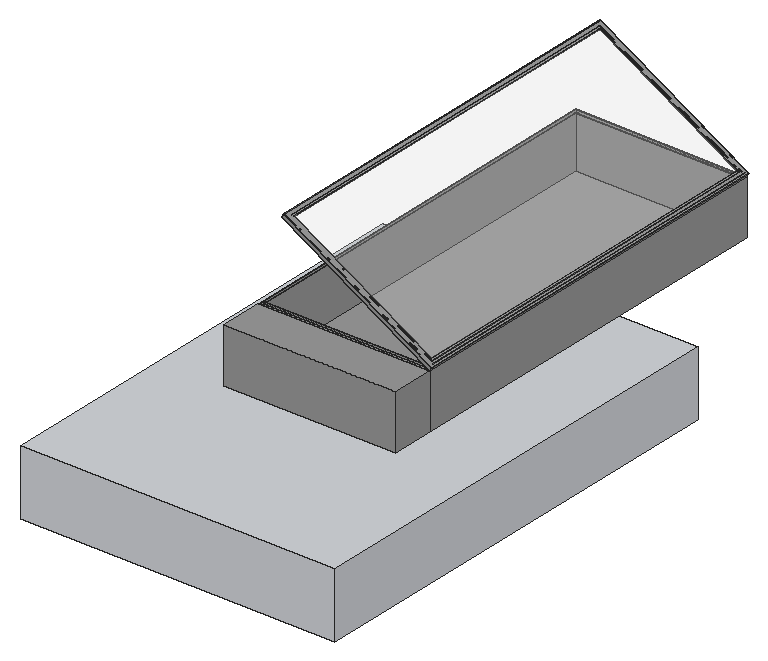
Revit family "Hager-Univers-IP55-D275-H2050-Cl.I-Steel_encl-DE-de", category Equipement électrique, Revit 2020
Family settings
  Hôte = Face
  Configuration du panneau = Deux colonnes, circuits au sein
  Cote de connecteur circulaire = Utiliser le diamètre
  Type d'élément = Tableau de raccordement
  Couper avec des vides une fois chargée = Non
  Partagée = Non
  Point de calcul de pièce = Non
Parameters (values of type "Bodenaufstellung IP55 B800 H2050 T275  - FR23K2")
  Width Control [instance] = if([EF000008 - Breite] > Min Width, [EF000008 - Breite], Min Width)  # 800 mm
  Commentaires du type = [HG000003 - Bereich]  # "Univers"
  Thickness Door [instance] = if([EF009171 - Materialstärke Tür/Deckel] > 3 mm, 3 mm, [EF009171 - Materialstärke Tür/Deckel])  # 1.5 mm
  Seal Frame Offset [instance] = 17 mm  # constant formula
  Plinth Visibility [instance] = [HG000027 - Sockelhöhe] > 0 mm  # yes
  Model = ""
  Min Width [instance] = 100 mm  # constant formula
  Min Height [instance] = 100 mm  # constant formula
  Min Depth [instance] = (2 * [EF009170 - Materialstärke Gehäuse]) + 1 mm  # 4 mm
  Internal Frame Depth [instance] = (Door System Depth * 0.5)  # 9 mm
  Height Control [instance] = if([EF000040 - Höhe] > Min Height, [EF000040 - Höhe], Min Height)  # 2050 mm
  HG000027 - Sockelhöhe = 200 mm
  HG000026 - Stehend auf dem Boden = yes
  HG000024 - Höhe des unteren Teils = 800 mm
  HG000023 - Gehäuse mit doppeltem Querschnitt = no
  HG000016 - 3D-Türsichtbarkeit [instance] = yes
  HG000015 - Sichtbarkeit der Türöffnung [instance] = no
  HG000014 - Tür rechts [instance] = yes
  HG000013 - Tür links [instance] = not([HG000014 - Tür rechts])  # no
  HG000012 - Türschwenkwinkel [instance] = 30.00°
  HG000010 - Asymmetrische Türen = no
  HG000009 - Doppelflügeligen Tür = no
  HG000006 - Unterputz = no
  HG000004 - Herstellerreferenz = "FR23K2"
  HG000003 - Bereich = "Univers"
  HG000002 - Mit tür = yes
  Frame Offset Bottom [instance] = 10 mm  # constant formula
  Frame Offset [instance] = 15 mm  # constant formula
  EF015940 - Deckel mit Überdruckentlastung = no
  EF011959 - Schutzart (NEMA) = ""
  EF009554 - Anzahl der Öffnungen für Flanschplatten = 6
  Fabricant = "Hager"  # constant formula
  EF009212 - Ausführung Deckel = "EV000116 - geschlossen"
  EF009171 - Materialstärke Tür/Deckel = 1.5 mm
  EF009170 - Materialstärke Gehäuse = 1.5 mm
  EF008873 - Nennstrom (In) = 800 A
  EF007800 - Geeignet für Blitzschutz = no
  EF006306 - Mit Schloss = no
  EF006244 - Transparenter Deckel/Tür = yes
  EF005474 - Schutzart (IP) = "EV006420 - IP55"
  EF004464 - Art der Tür = "EV002646 - Einzel"
  EF004427 - Anzahl der Module = 432
  EF004293 - Schlagfestigkeit = "EV008784 - IK10"
  EF003532 - Geeignet für Außengebrauch = no
  EF002950 - Breite in Teilungseinheiten = 24
  EF001613 - Funktionserhalt = "EV000494 - ohne"
  EF001596 - Werkstoff des Gehäuses = "EV000179 - Stahl"
  EF001131 - Innentiefe = 275 mm
  EF001088 - Anbaumöglichkeit = yes
  EF000437 - Anzahl der Leitungseinführungen = 6
  EF000339 - Art der Abdeckung = "EV004216 - Tür"
  EF000266 - Anzahl der Reihen = 12
  EF000218 - Einbautiefe = 0 mm
  EF000118 - Mit Montageplatte = no
  EF000116 - RAL-Nummer = "7035"
  EF000049 - Tiefe = 275 mm
  EF000040 - Höhe = 2050 mm
  EF000008 - Breite = 800 mm
  EF000007 - Farbe = "EV000270 - grau"
  EF000003 - Montageart = "EV012274 - Bodenaufstellung"
  Door System Leaf Tolerance [instance] = 1.5 mm  # constant formula
  Door System Depth [instance] = 18 mm  # constant formula
  Door Height [instance] = Height Control - [HG000027 - Sockelhöhe]  # 1850 mm
  Depth Control [instance] = if([EF000049 - Tiefe] > Min Depth, [EF000049 - Tiefe], Min Depth)  # 275 mm
  Default Elevation = 0 mm
  Connector Offset [instance] = Height Control / 2  # 1025 mm
  Bottom Top Plate Trim [instance] = 1.5 mm  # constant formula
  Plinth height Ctrl [instance] = if([HG000027 - Sockelhöhe] > 0 mm, [HG000027 - Sockelhöhe], 12 mm)  # 200 mm
Types (11, lengths in mm): name | Width Control | HG000010 - Asymmetrische Türen | HG000009 - Doppelflügeligen Tür | HG000004 - Herstellerreferenz | EF009554 - Anzahl der Öffnungen für Flanschplatten | EF006244 - Transparenter Deckel/Tür | EF004464 - Art der Tür | EF004427 - Anzahl der Module | EF000437 - Anzahl der Leitungseinführungen | EF000008 - Breite
  Bodenaufstellung IP55 B1050 H2050 T275  - FR24E2 | 1050 | yes | yes | "FR24E2" | 8 | no | "EV003602 - Doppel" | 576 | 8 | 1050
  Bodenaufstellung IP55 B1050 H2050 T275  - FR24K2 | 1050 | yes | yes | "FR24K2" | 8 | yes | "EV003602 - Doppel" | 576 | 8 | 1050
  Bodenaufstellung IP55 B1300 H2050 T275  - FR25E2 | 1300 | yes | yes | "FR25E2" | 10 | no | "EV003602 - Doppel" | 720 | 10 | 1300
  Bodenaufstellung IP55 B1300 H2050 T275  - FR25K2 | 1300 | yes | yes | "FR25K2" | 10 | yes | "EV003602 - Doppel" | 720 | 10 | 1300
  Bodenaufstellung IP55 B1550 H2050 T275  - FR26E2 | 1550 | yes | yes | "FR26E2" | 12 | no | "EV003602 - Doppel" | 864 | 12 | 1550
  Bodenaufstellung IP55 B1550 H2050 T275  - FR26K2 | 1550 | yes | yes | "FR26K2" | 12 | yes | "EV003602 - Doppel" | 864 | 12 | 1550
  Bodenaufstellung IP55 B300 H2050 T275  - FR21E2 | 300 | no | no | "FR21E2" | 2 | no | "EV002646 - Einzel" | 144 | 2 | 300
  Bodenaufstellung IP55 B550 H2050 T275  - FR22E2 | 550 | no | no | "FR22E2" | 4 | no | "EV002646 - Einzel" | 288 | 4 | 550
  Bodenaufstellung IP55 B550 H2050 T275  - FR22K2 | 550 | no | no | "FR22K2" | 4 | yes | "EV002646 - Einzel" | 288 | 4 | 550
  Bodenaufstellung IP55 B800 H2050 T275  - FR23E2 | 800 | no | no | "FR23E2" | 6 | no | "EV002646 - Einzel" | 432 | 6 | 800
  Bodenaufstellung IP55 B800 H2050 T275  - FR23K2 | 800 | no | no | "FR23K2" | 6 | yes | "EV002646 - Einzel" | 432 | 6 | 800
Reference planes
  plane 1 "Center (Front/Back)": y = 0
  plane 2: z = 0
  plane 3 "Center (Left/Right)": x = 0
  plane 4: z = 275
  plane 5: y = 201.5
  plane 6: y = 1125
  plane 7: y = 200
  plane 8: y = 2050
  plane 9: z = 0
  plane 10: x = -385
  plane 11: x = 385
  plane 12: x = 383.5
  plane 13: x = -383.5
  plane 14: y = 2048.5
  plane 15: x = -383
  plane 16: x = -400
  plane 17: x = 383
  plane 18: x = 400
  plane 19: x = 398.5
  plane 20: x = -398.5
  plane 21: y = 211.5
  plane 22: y = 2050
  plane 23: y = 2033.5
  plane 24: z = 257
  plane 25: z = 1.5
  plane 26: z = 255.5
  plane 27: z = 273.5
Forms (mm)
  Extrusion 1, solid
    sketch origin (0, 0, 0) x (1, 0, 0) y (0, 1, 0)
      loop
        line (-702.964, 1305) -> (-702.964, -811.445) -> (766.763, -811.445) -> (766.763, 1305) -> (-702.964, 1305)
    from 0 to -304.8
  Extrusion 2, solid, material "Hager_Steel_RAL7035_Light_Grey", visible <- "Plinth Visibility", detail levels medium+fine
    sketch origin (0, 0, 0) x (1, 0, 0) y (0, 1, 0)
      loop
        line (-400, 0) -> (400, 0) -> (400, 200) -> (-400, 200) -> (-400, 0)
    from 0 to 257
  Extrusion 3, solid, material "Hager_Steel_RAL7035_Light_Grey", detail levels medium+fine
    sketch origin (0, 0, 0) x (1, 0, 0) y (0, 1, 0)
      loop
        line (-400, 200) -> (400, 200) -> (400, 2050) -> (-400, 2050) -> (-400, 200)
    from 0 to 257
  Extrusion 4, void
    sketch origin (0, 0, 0) x (1, 0, 0) y (0, 1, 0)
      loop
        line (-398.5, 201.5) -> (398.5, 201.5) -> (398.5, 2048.5) -> (-398.5, 2048.5) -> (-398.5, 201.5)
    from 1.5 to 255.5
  Extrusion 5, void
    sketch origin (-381.607, -4572, 257) x (0, -1, 0) y (-1, 0, 0)
      loop
        line (-4783.5, 1.893) -> (-6605.5, 1.893) -> (-6605.5, -765.107) -> (-4783.5, -765.107) -> (-4783.5, 1.893)
    from 0 to 1.5 <- "EF009170 - Materialstärke Gehäuse"
  Extrusion 6, solid, material "Hager_Steel_RAL7035_Light_Grey", detail levels fine
    sketch origin (0, 0, 257) x (1, 0, 0) y (0, 1, 0)
      loop
        line (-383.5, 2033.5) -> (-383.5, 211.5) -> (383.5, 211.5) -> (383.5, 2033.5) -> (-383.5, 2033.5)
      loop
        line (-385, 210) -> (385, 210) -> (385, 2035) -> (-385, 2035) -> (-385, 210)
    from 0 to 9 <- "Internal Frame Depth"
  Extrusion 7, solid, material "Hager_Steel_RAL7035_Light_Grey", detail levels coarse
    sketch origin (0, 0, 0) x (1, 0, 0) y (0, 1, 0)
      loop
        line (-400, 0) -> (400, 0) -> (400, 2050) -> (-400, 2050) -> (-400, 0)
    from 0 to 275
  Sweep 8, void
    path in 3D
      loop
        line (-400, 200, 0) -> (400, 200, 0) -> (400, 200, 257) -> (-400, 200, 257) -> (-400, 200, 0)
    profile origin (-400, 200, 128.5) x (-1, 0, 0) y (0, -1, 0)
      loop
        line (0, 0) -> (0, 1.5) -> (-1.5, 1.5)
        arc (-1.5, 1.5) -> (-1.061, 0.439) -> (0, 0) r 1.5
Cuts and joins
  Extrusion 4, Extrusion 5 cuts Extrusion 3
  Sweep 8 cuts Extrusion 2
Lines and regions (mm)
  Masking region 1
    outline origin (0, 0, 0) x (1, 0, 0) y (0, 0, 1)
      loop
        line (-400, 275) -> (-400, 0) -> (400, 0) -> (400, 275) -> (-400, 275)
  Masking region 2, detail levels medium+fine
    outline origin (0, 140, 0) x (0, 1, 0) y (0, 0, 1)
      loop
        line (60, 0) -> (1910, 0) -> (1910, 257) -> (60, 257) -> (60, 0)
  Masking region 3, not visible, detail levels medium+fine
    outline origin (0, 297.922, 0) x (0, 1, 0) y (0, 0, 1)
      loop
        line (838.578, 0) -> (878.578, 0) -> (878.578, 263.5)
        arc (878.578, 263.5) -> (875.649, 270.571) -> (868.578, 273.5) r 10
        line (868.578, 273.5) -> (838.578, 273.5) -> (838.578, 0)
  Masking region 4, detail levels coarse
    outline origin (0, 0, 180) x (0, 1, 0) y (0, 0, 1)
      loop
        line (0, -180) -> (2050, -180) -> (2050, 95) -> (0, 95) -> (0, -180)
  Masking region 5, visible <- "Plinth Visibility", detail levels medium+fine
    outline origin (0, 52.24, 12.345) x (0, 0, -1) y (0, 1, 0)
      loop
        line (10.845, 147.76) -> (-243.155, 147.76)
        arc (-243.155, 147.76) -> (-243.594, 146.699) -> (-244.655, 146.26) r 1.5
        line (-244.655, 146.26) -> (-244.655, -52.24) -> (12.345, -52.24) -> (12.345, 146.26)
        arc (12.345, 146.26) -> (11.285, 146.699) -> (10.845, 147.76) r 1.5
  Masking region 6, detail levels medium+fine
    outline origin (-381.607, -4572, 257) x (-1, 0, 0) y (0, -1, 0)
      loop
        line (18.393, -6622) -> (18.393, -4772) -> (-781.607, -4772) -> (-781.607, -6622) -> (18.393, -6622)
  Masking region 7, visible <- "Plinth Visibility", detail levels medium+fine
    outline origin (-381.607, -4727, 257) x (-1, 0, 0) y (0, -1, 0)
      loop
        arc (16.893, -4927) -> (17.332, -4925.939) -> (18.393, -4925.5) r 1.5
        line (18.393, -4925.5) -> (18.393, -4727) -> (-781.607, -4727) -> (-781.607, -4925.5)
        arc (-781.607, -4925.5) -> (-780.546, -4925.939) -> (-780.107, -4927) r 1.5
        line (-780.107, -4927) -> (16.893, -4927)
  Masking region 8, detail levels coarse
    outline origin (-442.548, -4669.526, 257) x (-1, 0, 0) y (0, -1, 0)
      loop
        line (-42.548, -6719.526) -> (-42.548, -4669.526) -> (-842.548, -4669.526) -> (-842.548, -6719.526) -> (-42.548, -6719.526)
  sketch lines
    curve 1: line (-400, 200, 257) -> (-400, 200, 0)
    curve 2: line (400, 200, 257) -> (-400, 200, 257)
    curve 3: line (400, 200, 257) -> (400, 200, 0)
    curve 4: line (-400, 200, 0) -> (400, 200, 0)
Dimensions and locks
  "Depth Control": plane 4 to Extrusion 1
  "HG000027 - Sockelhöhe": plane 1 "Center (Front/Back)" to plane 7
  "EF009170 - Materialstärke Gehäuse": plane 5 to plane 7
  locked: connector elem to plane 3 "Center (Left/Right)"
  equal spacing: plane 8, plane 6, plane 7
  locked: connector elem to plane 6
  "EF009170 - Materialstärke Gehäuse": plane 8 to plane 14
  "EF009170 - Materialstärke Gehäuse": plane 10 to plane 13
  "EF009170 - Materialstärke Gehäuse": plane 12 to plane 11
  "Frame Offset": plane 20 to plane 13
  "Frame Offset": plane 12 to plane 19
  "EF009170 - Materialstärke Gehäuse": plane 16 to plane 20
  "EF009170 - Materialstärke Gehäuse": plane 19 to plane 18
  "Seal Frame Offset": plane 16 to plane 15
  "Seal Frame Offset": plane 17 to plane 18
  "Frame Offset Bottom": plane 21 to plane 5
  "Frame Offset": plane 14 to plane 23
  equal spacing: plane 16, plane 3 "Center (Left/Right)", plane 18
  "Width Control": plane 16 to plane 18
  "EF009170 - Materialstärke Gehäuse": plane 4 to plane 27
  "EF009170 - Materialstärke Gehäuse": plane 24 to plane 26
  "EF009170 - Materialstärke Gehäuse": plane 25 to level
  "Door System Depth": plane 4 to plane 24
  "Height Control": plane 1 "Center (Front/Back)" to Extrusion 7 sketch curve
  "Height Control": Masking region 4 sketch curve to plane 1 "Center (Front/Back)"
  "Height Control": plane 1 "Center (Front/Back)" to plane 22
  "Bottom Top Plate Trim": profile plane to Sweep 8 sketch curve
  "Bottom Top Plate Trim": Sweep 8 sketch curve to profile plane
  "Plinth height Ctrl": plane 1 "Center (Front/Back)" to Extrusion 2 sketch curve
  "Plinth height Ctrl": Masking region 5 sketch curve to plane 1 "Center (Front/Back)"
  "Plinth height Ctrl": plane 1 "Center (Front/Back)" to Masking region 7 sketch curve
  "Thickness Door": Extrusion 6 sketch curve to Extrusion 6 sketch curve  (x3)
  "Thickness Door": cut or joined group of Extrusion 3, Extrusion 4, Extrusion 5 to Extrusion 6 sketch curve
  radius of Masking region 3 sketch curve = 10 mm
  "Bottom Top Plate Trim": radius of Masking region 5 sketch curve  (x2)
  "Bottom Top Plate Trim": radius of Sweep 8 sketch curve
  "Bottom Top Plate Trim": radius of Masking region 7 sketch curve  (x2)
  aligned and locked: plane 2 to Extrusion 1
  aligned and locked: level to Extrusion 1
  aligned and locked: level to Masking region 1 sketch curve
  aligned and locked: Masking region 1 sketch curve to plane 18
  aligned and locked: Masking region 1 sketch curve to plane 16
  aligned and locked: plane 7 to Masking region 2 sketch curve
  aligned and locked: level to Masking region 3 sketch curve
  aligned and locked: Masking region 3 sketch curve to plane 27
  aligned and locked: level to Masking region 2 sketch curve
  aligned and locked: plane 1 "Center (Front/Back)" to Extrusion 2 sketch curve
  aligned and locked: Extrusion 3 sketch curve to plane 7
  aligned and locked: plane 16 to Extrusion 3 sketch curve
  aligned and locked: plane 18 to Extrusion 3 sketch curve
  aligned and locked: plane 20 to Extrusion 4 sketch curve
  aligned and locked: plane 19 to Extrusion 4 sketch curve
  aligned and locked: Extrusion 4 sketch curve to plane 5
  aligned and locked: Extrusion 4 to plane 25
  aligned and locked: plane 26 to Extrusion 4
  aligned and locked: plane 24 to Extrusion 3
  aligned and locked: Extrusion 5 sketch curve to plane 21
  aligned and locked: Extrusion 5 sketch curve to plane 13
  aligned and locked: Extrusion 5 sketch curve to plane 12
  aligned and locked: plane 18 to Extrusion 7 sketch curve
  aligned and locked: plane 1 "Center (Front/Back)" to Extrusion 7 sketch curve
  aligned and locked: plane 16 to Extrusion 7 sketch curve
  aligned and locked: plane 4 to Extrusion 7
  aligned and locked: Extrusion 7 to level
  aligned and locked: level to Masking region 4 sketch curve
  aligned and locked: Masking region 4 sketch curve to plane 1 "Center (Front/Back)"
  aligned and locked: Masking region 4 sketch curve to plane 4
  aligned and locked: nested 1 to level
  aligned and locked: nested 1 to plane 16
  aligned and locked: plane 8 to Extrusion 3 sketch curve
  aligned and locked: plane 23 to Extrusion 5 sketch curve
  aligned and locked: plane 14 to Extrusion 4 sketch curve
  aligned and locked: Masking region 2 sketch curve to plane 8
  aligned and locked: level to Masking region 5 sketch curve
  aligned and locked: plane 16 to Extrusion 2 sketch curve
  aligned and locked: plane 18 to Extrusion 2 sketch curve
  aligned and locked: Masking region 5 sketch curve to plane 24
  aligned and locked: Masking region 2 sketch curve to plane 24
  aligned and locked: plane 24 to Extrusion 2
  aligned and locked: profile plane to Sweep 8 sketch curve  (x2)
  aligned and locked: Masking region 6 sketch curve to plane 18
  aligned and locked: Masking region 6 sketch curve to plane 22
  aligned and locked: Masking region 6 sketch curve to plane 16
  aligned and locked: plane 8 to plane 22
  aligned and locked: Masking region 6 sketch curve to plane 7
  aligned and locked: Masking region 7 sketch curve to plane 16
  aligned and locked: Masking region 7 sketch curve to plane 1 "Center (Front/Back)"
  aligned and locked: Masking region 7 sketch curve to plane 18
  aligned and locked: Masking region 8 sketch curve to plane 1 "Center (Front/Back)"
  aligned and locked: Masking region 8 sketch curve to plane 18
  aligned and locked: Masking region 8 sketch curve to plane 22
  aligned and locked: Masking region 8 sketch curve to plane 16
  aligned and locked: nested 2 to plane 7
  aligned and locked: plane 3 "Center (Left/Right)" to nested 2
  aligned and locked: nested 2 to plane 24
  aligned and locked: Extrusion 6 sketch curve to cut or joined group of Extrusion 3, Extrusion 4, Extrusion 5  (x4)
Automatic sketch dimensions
  Extrusion 1 sketch curve to Extrusion 1 sketch curve = 1469.727 mm
  Extrusion 1 sketch curve to Extrusion 1 sketch curve = 2116.445 mm
  Masking region 1 sketch curve to plane 4 = 0 mm
  plane 6 to Masking region 3 sketch curve = 11.5 mm
  Masking region 3 sketch curve to Masking region 3 sketch curve = 30 mm
  Masking region 5 sketch curve to plane 1 "Center (Front/Back)" = 0 mm
Nested families
  nested 1: "Hager_Enclosure_Symbol" at (-400, 0, 0) x (1, 0, 0) z (0, -1, 0), Height <- "Depth Control", Width <- "Width Control", type "Hager_Enclosure_Symbol"
    with Width_Ctrl 800 mm, Width 800 mm, Height_Ctrl 275 mm, Height 275 mm, A_Width_Int 18.047 mm, A_Width 216.562 mm, A_Height_Ctrl 240.625 mm, A_Height 240.625 mm
  nested 2: "EC000058_Univers_Door" at (0, 200, 257) x (1, 0, 0) z (0, 1, 0), Leaf_Tolerance <- "Door System Leaf Tolerance", Angle <- "HG000012 - Türschwenkwinkel", Door_Depth <- "Door System Depth", Door_Left <- "HG000013 - Tür links", Transparent <- "EF006244 - Transparenter Deckel/Tür", Assymetrical <- "HG000010 - Asymmetrische Türen", Width <- "Width Control", Clearance <- "HG000015 - Sichtbarkeit der Türöffnung", Double <- "HG000009 - Doppelflügeligen Tür", 3d_Door <- "HG000016 - 3D-Türsichtbarkeit", Lock_Visibility <- "EF006306 - Mit Schloss", Width_Ctrl <- "Width Control", Door_Right <- "HG000014 - Tür rechts", Door <- "HG000002 - Mit tür", Height <- "Door Height", Thickness <- "Thickness Door", type "EC000058_Univers_Door", detail levels medium+fine
    with min_wh 4 mm, Width_Ctrl 800 mm, Width 800 mm, Transparent yes, Thickness 1.5 mm, Seal_Material Hager_Rubber, Lock_Visibility no, Lock_Material Hager_Plastic_RAL9005_Jet_Black, Leaf_Width 800 mm, Leaf_Tolerance_External_Sides 0 mm, Leaf_Tolerance 1.5 mm, Leaf_Offset 0 mm, Leaf_Height 1847 mm, Leaf_2_Width 800 mm, Leaf_2_Offset 400 mm, Leaf_1_Width 800 mm, Leaf_1_Offset 400 mm, Height_Ctrl 1850 mm, Height 1850 mm, Glass_Material Hager_Glass, Double_Clearance_Ctrl no, Double no, Door_Right_Ctrl yes, Door_Right yes, Door_Material Hager_Steel_RAL7035_Light_Grey, Door_Left_Ctrl no, Door_Left no, Door_Depth 18 mm, Door yes, Clearance_Material Hager_Clearance, Clearance_Depth 800 mm, Clearance_Ctrl no, Clearance no, Assymetrical no, Angle 30.00°, 3d_Door yes
Connectors
  electrical at (0, 1125, 0)
    settings: on plane 9, index 1, voltage 0 V, apparent load 0 VA, apparent load phase1 0 VA, apparent load phase2 0 VA, apparent load phase3 0 VA, power factor 1, load classification "Other", number of poles 1, system type 30, power factor state 1, is connector primary yes, connector utility no, sub classification motor no, connector description ""
Definition of nested family "EC000058_Univers_Door"
  Parameters (values of type "EC000058_Univers_Door")
    min_wh [instance] = (2 * Thickness) + 1 mm  # 11 mm
    Width_Ctrl [instance] = 400 mm
    Width [instance] = 500 mm
    Transparent [instance] = yes
    Thickness [instance] = 5 mm
    Seal_Material [instance] = none
    Lock_Visibility [instance] = yes
    Lock_Material [instance] = none
    Leaf_Width [instance] = if((Width_Ctrl - 2 * Leaf_Tolerance_External_Sides) > 0 mm, (Width_Ctrl - 2 * Leaf_Tolerance_External_Sides), min_wh)  # 400 mm
    Leaf_Tolerance_External_Sides [instance] = 0 mm  # constant formula
    Leaf_Tolerance [instance] = 1.5 mm
    Leaf_Offset [instance] = 0 mm  # constant formula
    Leaf_Height [instance] = if((Height_Ctrl - 2 * Leaf_Tolerance) > 0 mm, (Height_Ctrl - 2 * Leaf_Tolerance), min_wh)  # 497 mm
    Leaf_2_Width [instance] = if(and(and(Double, Assymetrical), Door_Left), (Leaf_Width / 3) - (Leaf_Tolerance / 2), if(and(and(Double, Assymetrical), Door_Right), (Leaf_Width / 3) * 2 - (Leaf_Tolerance / 2), if(and(Double, not(Assymetrical)), (Leaf_Width / 2) - Leaf_Tolerance, Leaf_Width)))  # 400 mm
    Leaf_2_Offset [instance] = if(and(Double, Assymetrical), Leaf_2_Width / 2, if(and(Double, not(Assymetrical)), Leaf_Width / 4, Leaf_Width / 2))  # 200 mm
    Leaf_1_Width [instance] = if(and(and(Double, Assymetrical), Door_Right), (Leaf_Width / 3) - (Leaf_Tolerance / 2), if(and(and(Double, Assymetrical), Door_Left), (Width / 3) * 2 - (Leaf_Tolerance / 2), if(and(Double, not(Assymetrical)), (Leaf_Width / 2) - Leaf_Tolerance, Leaf_Width)))  # 400 mm
    Leaf_1_Offset [instance] = if(and(Double, Assymetrical), Leaf_1_Width / 2, if(and(Double, not(Assymetrical)), Leaf_Width / 4, Leaf_Width / 2))  # 200 mm
    Height_Ctrl [instance] = if(Height > min_wh, Height, min_wh)  # 500 mm
    Height [instance] = 500 mm
    Glass_Material [instance] = none
    Double_Clearance_Ctrl [instance] = and(Double, Clearance)  # no
    Double [instance] = no
    Door_Right_Ctrl [instance] = and(or(Door_Right, Double), Door)  # yes
    Door_Right [instance] = yes
    Door_Material [instance] = none
    Door_Left_Ctrl [instance] = and(or(Door_Left, Double), Door)  # no
    Door_Left [instance] = no
    Door_Depth [instance] = 30 mm
    Door [instance] = yes
    Default Elevation = 1219.2 mm
    Clearance_Material [instance] = none
    Clearance_Depth [instance] = if(Leaf_1_Width > Leaf_2_Width, Leaf_1_Width, Leaf_2_Width)  # 400 mm
    Clearance_Ctrl [instance] = and(not(Double), Clearance)  # yes
    Clearance [instance] = yes
    Assymetrical [instance] = yes
    Angle [instance] = 30.00°
    3d_Door [instance] = yes
  Reference planes
    plane 1 "Center (Front/Back)": y = 0
    plane 2 "Bottom": z = 0
    plane 3 "Center (Left/Right)": x = 0
    plane 4: z = 500
    plane 5: x = -200
    plane 6: x = 200
    plane 7: z = 500
    plane 8: x = -200
    plane 9: z = 0
    plane 10: x = 200
    plane 11: y = 0
    plane 12: z = 1.5
    plane 13: x = -600
    plane 14: y = -400
    plane 15: x = 600
    plane 16: x = 0
    plane 17: x = 0
    plane 18: x = -200
    plane 19: x = 200
    plane 20: z = 498.5
  Forms (mm)
    Extrusion 1, solid, material <- "Clearance_Material", visible <- "Double_Clearance_Ctrl"
      sketch origin (1200, 0, 0) x (1, 0, 0) y (0, 0, -1)
        loop
          line (-1800, -498.5) -> (-600, -498.5) -> (-600, 0) -> (-1800, 0) -> (-1800, -498.5)
      from 0 to -400
  Dimensions and locks
    equal spacing: plane 5, plane 3 "Center (Left/Right)", plane 6
    "Width_Ctrl": plane 5 to plane 6
    "Leaf_Offset": plane 5 to plane 8
    "Leaf_Offset": plane 6 to plane 10
    "Leaf_Offset": plane 9 to level
    "Leaf_Offset": plane 4 to plane 7
    "Height_Ctrl": plane 4 to level
    "Leaf_Tolerance": plane 12 to plane 9
    locked: plane 11 to plane 1 "Center (Front/Back)"
    "Leaf_1_Offset": plane 18 to plane 16
    "Leaf_2_Offset": plane 17 to plane 19
    "Leaf_1_Width": plane 13 to plane 8
    "Leaf_2_Width": plane 10 to plane 15
    "Clearance_Depth": plane 14 to plane 1 "Center (Front/Back)"
    "Leaf_Tolerance_External_Sides": plane 8 to plane 18
    "Leaf_Tolerance_External_Sides": plane 19 to plane 10
    "Leaf_Tolerance": plane 7 to plane 20
    aligned and locked: level to plane 2 "Bottom"
    aligned and locked: nested 1 to plane 16
    aligned and locked: nested 2 to plane 17
    aligned and locked: Extrusion 1 to plane 13
    aligned and locked: plane 15 to Extrusion 1
    aligned and locked: Extrusion 1 to plane 14
    aligned and locked: plane 12 to nested 1
    aligned and locked: nested 2 to plane 12
    aligned and locked: Extrusion 1 to plane 11
    aligned and locked: plane 20 to Extrusion 1
    aligned and locked: nested 2 to plane 11
    aligned and locked: nested 1 to plane 11
  Automatic sketch dimensions
    Extrusion 1 sketch curve to level = 0 mm
    plane 5 to Extrusion 1 sketch curve = 400 mm
    plane 6 to Extrusion 1 sketch curve = 400 mm
    Extrusion 1 sketch curve to plane 4 = 1.5 mm
  Nested families
    nested 1: "EC000058_Univers_Door_Leaf" at (0, 0, 1.5), Width <- "Leaf_1_Width", visible <- "Door_Left_Ctrl", Leaf_Height <- "Leaf_Height", Angle <- "Angle", 3d_Door <- "3d_Door", Transparent <- "Transparent", Clearance Material <- "Clearance_Material", Clearance <- "Clearance_Ctrl", Door_Material <- "Door_Material", Glass_Material <- "Glass_Material", Door_Depth <- "Door_Depth", Lock_Material <- "Lock_Material", Seal_Material <- "Seal_Material", Lock_Visibility <- "Lock_Visibility", Thickness <- "Thickness", type "EC000058_Univers_Door_Leaf"
      with Width 400 mm, Transparent_Glass_Offset 30 mm, Transparent_Ctrl yes, Transparent yes, Thickness 5 mm, Standard no, Seal_Material none, Seal_D2 8 mm, Seal_D1 1 mm, Offset_Internal_Frame 10 mm, Lock_Width 20 mm, Lock_Visibility_3d yes, Lock_Visibility yes, Lock_Thickness_3 3 mm, Lock_Thickness_2 1 mm, Lock_Thickness_1 3 mm, Lock_Radius_Offset_2 16 mm, Lock_Radius_Offset_1 15 mm, Lock_Radius_2 5 mm, Lock_Radius 6 mm, Lock_Offset 5 mm, Lock_Material none, Lock_Height 80 mm, Lock_Cover_Top_Offset_2d 17 mm, Lock_Cover_Height -65 mm, Leaf_Height 497 mm, Internal_Seal_Thickness 8 mm, Internal_Seal_Depth_2 4.5 mm, Internal_Frame_Depth 25 mm, Glass_Thickness -1 mm, Glass_Offset -2 mm, Glass_Material none, Door_Material none, Door_Depth 30 mm, Clearance Material none, Clearance yes, Angle_Ctrl 30.00°, Angle 30.00°, 3d_Door yes
    nested 2: "EC000058_Univers_Door_Leaf" at (0, 0, 1.5) x (-1, 0, 0) z (0, 0, 1), Width <- "Leaf_2_Width", visible <- "Door_Right_Ctrl", Leaf_Height <- "Leaf_Height", Angle <- "Angle", 3d_Door <- "3d_Door", Transparent <- "Transparent", Clearance Material <- "Clearance_Material", Clearance <- "Clearance_Ctrl", Door_Material <- "Door_Material", Glass_Material <- "Glass_Material", Door_Depth <- "Door_Depth", Lock_Material <- "Lock_Material", Seal_Material <- "Seal_Material", Lock_Visibility <- "Lock_Visibility", Thickness <- "Thickness", type "EC000058_Univers_Door_Leaf"
      with Width 400 mm, Transparent_Glass_Offset 30 mm, Transparent_Ctrl yes, Transparent yes, Thickness 5 mm, Standard no, Seal_Material none, Seal_D2 8 mm, Seal_D1 1 mm, Offset_Internal_Frame 10 mm, Lock_Width 20 mm, Lock_Visibility_3d yes, Lock_Visibility yes, Lock_Thickness_3 3 mm, Lock_Thickness_2 1 mm, Lock_Thickness_1 3 mm, Lock_Radius_Offset_2 16 mm, Lock_Radius_Offset_1 15 mm, Lock_Radius_2 5 mm, Lock_Radius 6 mm, Lock_Offset 5 mm, Lock_Material none, Lock_Height 80 mm, Lock_Cover_Top_Offset_2d 17 mm, Lock_Cover_Height -65 mm, Leaf_Height 497 mm, Internal_Seal_Thickness 8 mm, Internal_Seal_Depth_2 4.5 mm, Internal_Frame_Depth 25 mm, Glass_Thickness -1 mm, Glass_Offset -2 mm, Glass_Material none, Door_Material none, Door_Depth 30 mm, Clearance Material none, Clearance yes, Angle_Ctrl 30.00°, Angle 30.00°, 3d_Door yes
  Definition of nested family "EC000058_Univers_Door_Leaf"
    Parameters (values of type "EC000058_Univers_Door_Leaf")
      Width [instance] = 2000 mm
      Transparent_Glass_Offset [instance] = 30 mm
      Transparent_Ctrl [instance] = and(Transparent, [3d_Door])  # yes
      Transparent [instance] = yes
      Thickness [instance] = 5 mm
      Standard [instance] = and(not(Transparent), [3d_Door])  # no
      Seal_Material [instance] = none
      Seal_D2 [instance] = 8 mm  # constant formula
      Seal_D1 [instance] = 1 mm  # constant formula
      Offset_Internal_Frame [instance] = 10 mm  # constant formula
      Lock_Width [instance] = 20 mm  # constant formula
      Lock_Visibility_3d [instance] = and(Lock_Visibility, [3d_Door])  # yes
      Lock_Visibility [instance] = yes
      Lock_Thickness_3 [instance] = 3 mm  # constant formula
      Lock_Thickness_2 [instance] = 1 mm  # constant formula
      Lock_Thickness_1 [instance] = 3 mm  # constant formula
      Lock_Radius_Offset_2 [instance] = Lock_Radius_Offset_1 + 1 mm  # 16 mm
      Lock_Radius_Offset_1 [instance] = 15 mm  # constant formula
      Lock_Radius_2 [instance] = Lock_Radius - 1 mm  # 5 mm
      Lock_Radius [instance] = 6 mm  # constant formula
      Lock_Offset [instance] = 5 mm  # constant formula
      Lock_Material [instance] = none
      Lock_Height [instance] = 80 mm  # constant formula
      Lock_Cover_Top_Offset_2d [instance] = Lock_Radius_Offset_2 + 1 mm  # 17 mm
      Lock_Cover_Height [instance] = -(Lock_Height - Lock_Radius_Offset_1)  # -65 mm
      Leaf_Height [instance] = 2720.336 mm
      Internal_Seal_Thickness [instance] = 8 mm  # constant formula
      Internal_Seal_Depth_2 [instance] = 4.5 mm  # constant formula
      Internal_Frame_Depth [instance] = if(Door_Depth - Thickness > 5 mm, Door_Depth - Thickness, 5 mm)  # 25 mm
      Glass_Thickness [instance] = if(Thickness > 15 mm, Glass_Offset + 10 mm, -1 mm)  # -1 mm
      Glass_Offset [instance] = if(Thickness > 15 mm, -(Thickness + 10 mm) / 2, -2 mm)  # -2 mm
      Glass_Material [instance] = none
      Door_Material [instance] = none
      Door_Depth [instance] = 30 mm
      Default Elevation = 0 mm
      Clearance Material [instance] = none
      Clearance [instance] = yes
      Angle_Ctrl [instance] = if(Angle > 180.00°, 180.00°, Angle)  # 90.00°
      Angle [instance] = 90.00°
      3d_Door [instance] = yes
    Reference planes
      plane 1 "Center (Front/Back)": y = 0
      plane 2: z = 0
      plane 3 "Center (Left/Right)": x = 0
      plane 4: y = 2000
      plane 5: x = -1000
      plane 6: x = 1000
      plane 7: x = -3000
      plane 8: z = 2720.336
      plane 9: z = 30
      plane 10: z = 2690.336
      plane 11: x = 970
      plane 12: x = -970
      plane 13: y = -3
      plane 14: z = 107.833
      plane 15: y = -5
      plane 16: y = -223.314
      plane 17: x = -1000
      plane 18: z = 1360.168
      plane 19: y = 30
    Forms (mm)
      Extrusion 1, solid, material <- "Clearance Material", visible <- "Clearance"
        sketch origin (0, 0, 0) x (1, 0, 0) y (0, 0, 1)
          loop
            line (-3000, 2720.336) -> (-3000, 0) -> (1000, 0) -> (1000, 2720.336) -> (-3000, 2720.336)
        from 0 to -2000
      Extrusion 2, solid, material <- "Door_Material", visible <- "Standard", detail levels medium+fine
        sketch origin (-1000, 0, 0) x (0, 1, 0) y (-1, 0, 0)
          loop
            line (0, 30) -> (0, 25) -> (2000, 25) -> (2000, 30) -> (0, 30)
        from 0 to 2720.336 <- "Leaf_Height"
      Extrusion 3, solid, material <- "Door_Material", visible <- "Transparent_Ctrl", detail levels medium+fine
        sketch origin (-1000, 0, 0) x (0, 1, 0) y (-1, 0, 0)
          loop
            line (0, 25) -> (2000, 25) -> (2000, 30) -> (0, 30) -> (0, 25)
        from 0 to 2720.336 <- "Leaf_Height"
      Extrusion 4, void
        sketch origin (-1025, 2000, 0) x (0, 1, 0) y (0, 0, -1)
          loop
            line (-30, -2690.336) -> (-30, -30) -> (-1970, -30) -> (-1970, -2690.336) -> (-30, -2690.336)
        from 0 to 5 <- "Thickness"
      Sweep 5, solid, material <- "Seal_Material", visible <- "Transparent_Ctrl", detail levels fine
        path in 3D
          loop
            line (-1025, 30, 30) -> (-1025, 30, 2690.336) -> (-1025, 1970, 2690.336) -> (-1025, 1970, 30) -> (-1025, 30, 30)
        profile origin (-1025, 1000, 30) x (1, 0, 0) y (0, 0, 1)
          loop
            line (0, 0) -> (0, -8) -> (1, -8) -> (1, 0) -> (0, 0)
      Extrusion 6, solid, material <- "Glass_Material", visible <- "Transparent_Ctrl", detail levels medium+fine
        sketch origin (-1030, 0, 0) x (0, 1, 0) y (0, 0, -1)
          loop
            line (1970, -2690.336) -> (1970, -30) -> (30, -30) -> (30, -2690.336) -> (1970, -2690.336)
        from -2 <- "Glass_Offset" to -1 <- "Glass_Thickness"
      Extrusion 7, solid, material <- "Door_Material", visible <- "3d_Door", detail levels medium+fine
        sketch origin (-1025, 2000, 0) x (0, -1, 0) y (0, 0, -1)
          loop
            line (0, -2720.336) -> (2000, -2720.336) -> (2000, 0) -> (0, 0) -> (0, -2720.336)
          loop
            line (1995, -5) -> (5, -5) -> (5, -2715.336) -> (1995, -2715.336) -> (1995, -5)
        from 0 to 25 <- "Internal_Frame_Depth"
      Sweep 8, solid, material <- "Seal_Material", visible <- "Transparent_Ctrl", detail levels fine
        path in 3D
          loop
            line (-1025, 0, 0) -> (-1025, 2000, 0) -> (-1025, 2000, 2720.336) -> (-1025, 0, 2720.336) -> (-1025, 0, 0)
        profile origin (-1025, 0, 1360.168) x (1, 0, 0) y (0, 1, 0)
          loop
            line (0, 10) -> (2.975, 10)
            arc (2.975, 10) -> (4.053, 10.447) -> (4.5, 11.525) r 1.525
            line (4.5, 11.525) -> (4.5, 16.527)
            arc (4.5, 16.527) -> (4.069, 17.569) -> (3.027, 18) r 1.473
            line (3.027, 18) -> (0, 18) -> (0, 10)
      Extrusion 9, solid, material <- "Lock_Material", visible <- "Lock_Visibility_3d", detail levels fine
        sketch origin (-1030, 0, 0) x (0, 1, 0) y (0, 0, -1)
          loop
            arc (1993.5, -1400.168) -> (1994.561, -1399.729) -> (1995, -1398.668) r 1.5
            line (1995, -1398.668) -> (1995, -1320.168) -> (1975, -1320.168) -> (1975, -1398.668)
            arc (1975, -1398.668) -> (1975.439, -1399.729) -> (1976.5, -1400.168) r 1.5
            line (1976.5, -1400.168) -> (1993.5, -1400.168)
        from 3 <- "Lock_Thickness_1" to 0
      Blend 10, solid, material <- "Lock_Material", visible <- "Lock_Visibility_3d", detail levels fine
        base sketch origin (-1033, 0, 0) x (0, 1, 0) y (0, 0, -1)
          loop
            line (1975, -1320.168) -> (1975, -1398.668)
            arc (1975, -1398.668) -> (1975.439, -1399.729) -> (1976.5, -1400.168) r 1.5
            line (1976.5, -1400.168) -> (1993.5, -1400.168)
            arc (1993.5, -1400.168) -> (1994.561, -1399.729) -> (1995, -1398.668) r 1.5
            line (1995, -1398.668) -> (1995, -1320.168) -> (1975, -1320.168)
        top sketch origin (-1033, 0, 0) x (0, 1, 0) y (0, 0, -1)
          loop
            line (1976, -1320.168) -> (1976, -1398.668)
            arc (1976, -1398.668) -> (1976.146, -1399.022) -> (1976.5, -1399.168) r 0.5
            line (1976.5, -1399.168) -> (1993.5, -1399.168)
            arc (1993.5, -1399.168) -> (1993.854, -1399.022) -> (1994, -1398.668) r 0.5
            line (1994, -1398.668) -> (1994, -1320.168) -> (1976, -1320.168)
        from 0 to 1 <- "Lock_Thickness_2"
      Blend 11, solid, material <- "Lock_Material", visible <- "Lock_Visibility_3d", detail levels fine
        base sketch origin (-1034, 0, 0) x (0, 1, 0) y (0, 0, -1)
          loop
            line (1978, -1320.168) -> (1978, -1384.168)
            arc (1978, -1384.168) -> (1985, -1391.168) -> (1992, -1384.168) r 7
            line (1992, -1384.168) -> (1992, -1320.168) -> (1978, -1320.168)
        top sketch origin (-1034, 0, 0) x (0, 1, 0) y (0, 0, -1)
          loop
            line (1991, -1320.168) -> (1979, -1320.168) -> (1979, -1383.168)
            arc (1979, -1383.168) -> (1985, -1389.168) -> (1991, -1383.168) r 6
            line (1991, -1383.168) -> (1991, -1320.168)
        from 0 to 3 <- "Lock_Thickness_3"
      Extrusion 12, solid, material <- "Lock_Material", visible <- "Lock_Visibility_3d", detail levels fine
        sketch origin (-1030, 1975, 1320.168) x (1, 0, 0) y (0, -1, 0)
          loop
            line (-7, -19) -> (-7, -1) -> (0, -1) -> (0, 0) -> (-8, 0) -> (-8, -20) -> (0, -20) -> (0, -19) -> (-7, -19)
        from 0 to -65 <- "Lock_Cover_Height"
      Extrusion 13, void
        sketch origin (-1038, 1995, 1320.168) x (-1, 0, 0) y (0, 0, -1)
          loop
            line (-5, -65) -> (0, -65) -> (-5, -60) -> (-5, -65)
        from 0 to 20 <- "Lock_Width"
      Extrusion 14, void
        sketch origin (-1038, 1975, 1320.168) x (0, -1, 0) y (0, 0, -1)
          loop
            circle (-10, -15.995) r 6
          loop
            circle (-10, -15.995) r 5
        from 0 to 2
      Extrusion 15, solid, material <- "Lock_Material", visible <- "Lock_Visibility_3d", detail levels medium
        sketch origin (-1030, 0, 0) x (0, 1, 0) y (0, 0, -1)
          loop
            arc (1993.5, -1400.168) -> (1994.561, -1399.729) -> (1995, -1398.668) r 1.5
            line (1995, -1398.668) -> (1995, -1320.168) -> (1975, -1320.168) -> (1975, -1398.668)
            arc (1975, -1398.668) -> (1975.439, -1399.729) -> (1976.5, -1400.168) r 1.5
            line (1976.5, -1400.168) -> (1993.5, -1400.168)
        from 8 to 0
    Cuts and joins
      Extrusion 4 cuts Extrusion 3
      Extrusion 13, Extrusion 14 cuts Extrusion 9
      Extrusion 14 cuts Blend 11
      Extrusion 13, Extrusion 14 cuts Extrusion 12
      joined: Extrusion 9, Blend 10, Blend 11, Extrusion 12
      Extrusion 14 cuts Extrusion 15
    Lines and regions (mm)
      Masking region 1, visible <- "Lock_Visibility", detail levels fine
        outline origin (0, 0, 0) x (0, 1, 0) y (0, 0, 1)
          loop
            line (30, 1320.168) -> (33, 1320.168) -> (33, 1400.168) -> (30, 1400.168) -> (30, 1320.168)
      Masking region 2, visible <- "Lock_Visibility", detail levels fine
        outline origin (0, 3.143, 0) x (0, 1, 0) y (0, 0, 1)
          loop
            line (29.857, 1354.168) -> (30.857, 1354.168) -> (30.857, 1366.168) -> (29.857, 1366.168) -> (29.857, 1354.168)
      Masking region 3, detail levels medium+fine
        outline origin (0, 0, 0) x (0, 1, 0) y (0, 0, 1)
          loop
            line (0, 0) -> (30, 0) -> (30, 2720.336) -> (0, 2720.336) -> (0, 0)
      Masking region 4, detail levels medium+fine
        outline origin (0, 0, 0) x (1, 0, 0) y (0, 0, 1)
          loop
            line (-1000, 2720.336) -> (-1000, 0) -> (1000, 0) -> (1000, 2720.336) -> (-1000, 2720.336)
      Masking region 5, visible <- "Lock_Visibility", detail levels fine
        outline origin (-47.116, 0, 0) x (1, 0, 0) y (0, 0, 1)
          loop
            arc (1024.616, 1399.168) -> (1023.556, 1398.729) -> (1023.116, 1397.668) r 1.5
            line (1023.116, 1397.668) -> (1023.116, 1320.168) -> (1041.116, 1320.168) -> (1041.116, 1397.668)
            arc (1041.116, 1397.668) -> (1040.677, 1398.729) -> (1039.616, 1399.168) r 1.5
            line (1039.616, 1399.168) -> (1024.616, 1399.168)
      Masking region 6, visible <- "Lock_Visibility", detail levels medium+fine
        outline origin (-25, 0, 0) x (1, 0, 0) y (0, 0, 1)
          loop
            arc (1001.5, 1400.168) -> (1000.439, 1399.729) -> (1000, 1398.668) r 1.5
            line (1000, 1398.668) -> (1000, 1320.168) -> (1020, 1320.168) -> (1020, 1398.668)
            arc (1020, 1398.668) -> (1019.561, 1399.729) -> (1018.5, 1400.168) r 1.5
            line (1018.5, 1400.168) -> (1001.5, 1400.168)
      Masking region 7, visible <- "Lock_Visibility", detail levels fine
        outline origin (-73.735, 0, 0) x (1, 0, 0) y (0, 0, 1)
          loop
            line (1051.735, 1382.168) -> (1065.735, 1382.168) -> (1065.735, 1384.168)
            arc (1065.735, 1384.168) -> (1058.735, 1391.168) -> (1051.735, 1384.168) r 7
            line (1051.735, 1384.168) -> (1051.735, 1382.168)
      Masking region 8, visible <- "Lock_Visibility", detail levels fine
        outline origin (-73.735, 0, 0) x (1, 0, 0) y (0, 0, 1)
          loop
            line (1052.735, 1382.168) -> (1064.735, 1382.168) -> (1064.735, 1383.168)
            arc (1064.735, 1383.168) -> (1058.735, 1389.168) -> (1052.735, 1383.168) r 6
            line (1052.735, 1383.168) -> (1052.735, 1382.168)
      Masking region 9, visible <- "Lock_Visibility", detail levels fine
        outline origin (-25, 0, 0) x (1, 0, 0) y (0, 0, 1)
          loop
            line (1020, 1320.168) -> (1020, 1382.168) -> (1000, 1382.168) -> (1000, 1320.168) -> (1020, 1320.168)
      Masking region 10, detail levels medium+fine
        outline origin (0, 0, 0) x (1, 0, 0) y (0, 0, 1)
          loop
            circle (985, 1335.144) r 6
      Masking region 11, detail levels fine
        outline origin (0, 0, 0) x (1, 0, 0) y (0, 0, 1)
          loop
            circle (985, 1335.144) r 5
      Masking region 12, visible <- "Lock_Visibility", detail levels fine
        outline origin (0, 12.767, 0) x (0, 1, 0) y (0, 0, 1)
          loop
            line (20.233, 1320.168) -> (21.233, 1320.168) -> (21.233, 1399.168) -> (20.233, 1400.168) -> (20.233, 1320.168)
      Masking region 13, visible <- "Lock_Visibility", detail levels fine
        outline origin (0, 13.767, -10) x (0, 1, 0) y (0, 0, 1)
          loop
            line (20.233, 1330.168) -> (23.233, 1330.168) -> (23.233, 1399.168) -> (20.233, 1402.168) -> (20.233, 1330.168)
      Masking region 14, visible <- "Lock_Visibility", detail levels fine
        outline origin (0, 12.767, -10) x (0, 1, 0) y (0, 0, 1)
          loop
            line (20.233, 1330.168) -> (25.233, 1330.168) -> (25.233, 1399.305) -> (20.233, 1394.305) -> (20.233, 1330.168)
      Masking region 15, visible <- "Lock_Visibility", detail levels medium
        outline origin (0, 0, 0) x (0, 1, 0) y (0, 0, 1)
          loop
            line (30, 1320.168) -> (38, 1320.168) -> (38, 1400.168) -> (30, 1400.168) -> (30, 1320.168)
      Masking region 16, visible <- "Lock_Visibility", detail levels fine
        outline origin (-1000, 0, 0) x (0, 1, 0) y (-1, 0, 0)
          loop
            line (1975, 30) -> (1995, 30) -> (1995, 38) -> (1975, 38) -> (1975, 30)
          loop
            line (1979, 37) -> (1976, 37) -> (1976, 34) -> (1978, 34) -> (1979, 37)
          loop
            line (1994, 37) -> (1991, 37) -> (1992, 34) -> (1994, 34) -> (1994, 37)
      Masking region 17, visible <- "Lock_Visibility", detail levels medium
        outline origin (-1000, 0, 0) x (0, 1, 0) y (-1, 0, 0)
          loop
            line (1975, 30) -> (1995, 30) -> (1995, 38) -> (1975, 38) -> (1975, 30)
      symbolic lines
        curve 1: line (1000, 0, 0) -> (-3000, 0, 0)
        curve 2: arc (1000, 0, 0) -> (-1000, 2000, 0) -> (-3000, 0, 0) r 2000
        curve 4: line (-1030, 0, 0) -> (-1030, 2000, 0)
      reference lines
        curve 3: line (-1000, 0, 0) -> (-1000, 2000, 0)
      symbolic lines, detail levels medium+fine
        curve 5: line (-1030, 2000, 0) -> (-1025, 2000, 0)
        curve 7: line (-1025, 0, 0) -> (-1030, 0, 0)
        curve 8: line (-1025, 0, 0) -> (-1000, 0, 0)
        curve 9: line (-1000, 0, 0) -> (-1000, 2000, 0)
        curve 10: line (-1000, 2000, 0) -> (-1025, 2000, 0)
      symbolic lines, detail levels fine
        curve 6: line (-1025, 2000, 0) -> (-1025, 0, 0)
      sketch lines
        curve 11: line (-1025, 0, 2720.336) -> (-1025, 0, 0)
        curve 12: line (-1025, 2000, 0) -> (-1025, 0, 0)
        curve 13: line (-1025, 2000, 2720.336) -> (-1025, 2000, 0)
        curve 14: line (-1025, 0, 2720.336) -> (-1025, 2000, 2720.336)
        curve 15: line (-1025, 1970, 30) -> (-1025, 30, 30)
        curve 16: line (-1025, 30, 30) -> (-1025, 30, 2690.336)
        curve 17: line (-1025, 1970, 2690.336) -> (-1025, 1970, 30)
        curve 18: line (-1025, 30, 2690.336) -> (-1025, 1970, 2690.336)
      symbolic lines, visible <- "Transparent", detail levels medium+fine
        curve 19: line (-970, 0, 2690.336) -> (970, 0, 2690.336)
        curve 20: line (-970, 0, 30) -> (-970, 0, 2690.336)
        curve 21: line (970, 0, 30) -> (-970, 0, 30)
        curve 22: line (970, 0, 2690.336) -> (970, 0, 30)
    Dimensions and locks
      "Width": plane 1 "Center (Front/Back)" to plane 4
      equal spacing: plane 5, plane 3 "Center (Left/Right)", plane 6
      "Width": plane 5 to plane 6
      "Width": plane 7 to plane 5
      "Leaf_Height": plane 8 to level
      "Width": curve 5 to curve 3
      "Width": curve 3 to curve 3
      plane 8 to plane 10 = 30 mm
      plane 9 to level = 30 mm
      plane 12 to plane 5 = 30 mm
      plane 6 to plane 11 = 30 mm
      Extrusion 1 to Extrusion 4 sketch curve = 30 mm
      "Transparent_Glass_Offset": curve 3 to Extrusion 4 sketch curve
      "Transparent_Glass_Offset": Extrusion 4 sketch curve to cut or joined group of Extrusion 3, Extrusion 4  (x2)
      cut or joined group of Extrusion 3, Extrusion 4 to Extrusion 6 sketch curve = 30 mm
      "Transparent_Glass_Offset": cut or joined group of Extrusion 3, Extrusion 4 to Extrusion 4 sketch curve
      "Thickness": curve 6 to curve 4
      "Thickness": Extrusion 7 sketch curve to Extrusion 7 sketch curve  (x4)
      "Door_Depth": curve 4 to curve 3
      "Offset_Internal_Frame": profile plane to Sweep 8 sketch curve
      "Internal_Seal_Thickness": Sweep 8 sketch curve to Sweep 8 sketch curve
      "Internal_Seal_Depth_2": profile plane to Sweep 8 sketch curve
      "Seal_D1": profile plane to Sweep 5 sketch curve
      "Seal_D2": profile plane to Sweep 5 sketch curve
      "Thickness": Extrusion 2 sketch curve to Extrusion 2 sketch curve
      equal spacing: Extrusion 9 sketch curve, plane 18, Extrusion 9 sketch curve  (x2)
      equal spacing: Masking region 1 sketch curve, plane 18, Masking region 1 sketch curve
      "Lock_Height": Masking region 1 sketch curve to Masking region 1 sketch curve
      "Lock_Radius": Masking region 2 sketch curve to plane 18 to Masking region 2 sketch curve
      Masking region 2 sketch curve to Masking region 1 = 1 mm
      "Door_Depth": plane 19 to plane 1 "Center (Front/Back)"
      "Lock_Thickness_1": Masking region 1 sketch curve to plane 19
      "Lock_Width": Extrusion 9 sketch curve to Extrusion 9 sketch curve
      "Lock_Height": Extrusion 9 sketch curve to Extrusion 9 sketch curve
      "Lock_Offset": cut or joined group of Extrusion 3, Extrusion 4 to Extrusion 9 sketch curve
      equal spacing: plane 8, plane 18, level
      "Lock_Radius_Offset_1": Blend 11 sketch curve to Blend 10
      locked: Blend 10 to Blend 11 sketch curve at 2  (x2)
      locked: var sketch to Blend 11 sketch curve at 1  (x2)
      "Lock_Radius_Offset_2": Blend 11 sketch curve to Blend 10
      locked: Extrusion 12 sketch curve to Extrusion 12 sketch curve at 1  (x3)
      Masking region 6 sketch curve to Masking region 6 sketch curve = 80 mm
      "Lock_Height": Masking region 6 sketch curve to Masking region 6 sketch curve
      "Lock_Width": Masking region 6 sketch curve to Masking region 6 sketch curve
      locked: Masking region 6 to Masking region 5 sketch curve at 1  (x3)
      locked: Masking region 5 to Masking region 7 sketch curve at 2  (x2)
      "Lock_Radius_Offset_1": Masking region 5 to Masking region 7 sketch curve
      "Lock_Radius_Offset_2": Masking region 5 to Masking region 8 sketch curve
      locked: Masking region 7 to Masking region 8 sketch curve at 1  (x2)
      "Lock_Cover_Top_Offset_2d": Masking region 5 to Masking region 9 sketch curve
      equal spacing: Masking region 9, Masking region 10 sketch curve, Masking region 9
      equal spacing: Masking region 9, Masking region 11 sketch curve, Masking region 9
      Extrusion 15 sketch curve to Extrusion 15 sketch curve = 80 mm
      "Lock_Width": Extrusion 15 sketch curve to Extrusion 15 sketch curve
      "Lock_Height": Extrusion 15 sketch curve to Extrusion 15 sketch curve
      equal spacing: Extrusion 15 sketch curve, plane 18, Extrusion 15 sketch curve
      "Lock_Thickness_3": Masking region 13 sketch curve to Masking region 13 sketch curve
      "Lock_Height": Masking region 12 sketch curve to Masking region 12 sketch curve
      locked: Masking region 13 sketch curve to Masking region 1 at 8
      locked: Masking region 14 sketch curve to Masking region 13 at 1
      locked: Masking region 14 sketch curve to Masking region 1 at 10.863
      "Lock_Height": Masking region 15 sketch curve to Masking region 15 sketch curve
      "Lock_Offset": Extrusion 15 sketch curve to cut or joined group of Extrusion 3, Extrusion 4
      "Lock_Offset": plane 6 to Masking region 6 sketch curve
      radius of Sweep 8 sketch curve = 1.525 mm
      radius of Sweep 8 sketch curve = 1.473 mm
      radius of Extrusion 9 sketch curve = 1.5 mm  (x2)
      "Lock_Radius": radius of Extrusion 14 sketch curve
      "Lock_Radius_2": radius of Extrusion 14 sketch curve
      "Lock_Radius": radius of Masking region 10 sketch curve
      "Lock_Radius_2": radius of Masking region 11 sketch curve
      radius of Extrusion 15 sketch curve = 1.5 mm  (x2)
      "Angle_Ctrl": angle plane 1 "Center (Front/Back)" to curve 3
      locked: Masking region 12 sketch curve to Masking region 12 sketch curve (angle 45.00°)
      locked: Masking region 13 sketch curve to Masking region 13 sketch curve (angle 45.00°)
      locked: Masking region 14 sketch curve to Masking region 14 sketch curve (angle 45.00°)
      aligned and locked: level to plane 2
      aligned and locked: Extrusion 1 to curve 1
      aligned and locked: plane 6 to Extrusion 1
      aligned and locked: Extrusion 1 to plane 1 "Center (Front/Back)"
      aligned and locked: plane 4 to Extrusion 1
      aligned and locked: plane 8 to Extrusion 1
      aligned and locked: curve 7 to Extrusion 2 sketch curve
      aligned and locked: curve 5 to Extrusion 2 sketch curve
      aligned and locked: curve 7 to Extrusion 3 sketch curve
      aligned and locked: Extrusion 3 sketch curve to curve 4
      aligned and locked: Extrusion 3 sketch curve to curve 6
      aligned and locked: Extrusion 3 sketch curve to curve 5
      aligned and locked: curve 9 to curve 3
      aligned and locked: Extrusion 7 sketch curve to cut or joined group of Extrusion 3, Extrusion 4  (x4)
      aligned and locked: plane 17 to curve 3
      aligned and locked: plane 1 "Center (Front/Back)" to curve 3
      aligned and locked: plane 17 to plane 5
      aligned and locked: Sweep 8 sketch curve to profile plane
      aligned and locked: Sweep 5 sketch curve to profile plane  (x2)
      aligned and locked: Masking region 1 to Masking region 2 sketch curve
      aligned and locked: plane 19 to Masking region 1 sketch curve
      aligned and locked: plane 1 "Center (Front/Back)" to Masking region 3 sketch curve
      aligned and locked: plane 19 to Masking region 3 sketch curve
      aligned and locked: level to Masking region 3 sketch curve
      aligned and locked: Masking region 3 sketch curve to plane 8
      aligned and locked: plane 17 to Masking region 4 sketch curve
      aligned and locked: level to Masking region 4 sketch curve
      aligned and locked: Masking region 4 sketch curve to plane 8
      aligned and locked: plane 12 to curve 20
      aligned and locked: plane 10 to curve 19
      aligned and locked: plane 11 to curve 22
      aligned and locked: curve 21 to plane 9
      aligned and locked: Extrusion 2 sketch curve to cut or joined group of Extrusion 3, Extrusion 4
      aligned and locked: Blend 10 sketch curve to Extrusion 9  (x4)
      aligned and locked: Extrusion 9 to Blend 10 sketch curve
      aligned and locked: Blend 10 to Blend 11 sketch curve
      aligned and locked: Extrusion 12 sketch curve to Blend 11
      aligned and locked: Extrusion 12 sketch curve to Extrusion 9  (x4)
      aligned and locked: Masking region 5 sketch curve to Masking region 6
      aligned and locked: Masking region 9 sketch curve to Masking region 6  (x3)
      aligned and locked: Masking region 12 sketch curve to Masking region 1
      aligned and locked: Masking region 13 sketch curve to Masking region 1
      aligned and locked: Masking region 12 to Masking region 14
      aligned and locked: Masking region 14 sketch curve to Masking region 1
      aligned and locked: Masking region 15 sketch curve to Masking region 14
      aligned and locked: Masking region 13 sketch curve to Masking region 12
      aligned and locked: Masking region 16 sketch curve to cut or joined group of Extrusion 14, Extrusion 15  (x4)
      aligned and locked: Masking region 16 sketch curve to cut or joined group of Extrusion 9, Blend 10, Blend 11, Extrusion 12, Extrusion 13, Extrusion 14  (x6)
      aligned and locked: cut or joined group of Extrusion 9, Blend 10, Blend 11, Extrusion 12, Extrusion 13, Extrusion 14 to Masking region 16 sketch curve
      aligned and locked: Masking region 17 sketch curve to cut or joined group of Extrusion 14, Extrusion 15  (x3)
      aligned and locked: Masking region 17 sketch curve to cut or joined group of Extrusion 9, Blend 10, Blend 11, Extrusion 12, Extrusion 13, Extrusion 14
      aligned and locked: Masking region 9 to Masking region 8 sketch curve
      aligned and locked: Masking region 9 to Masking region 7 sketch curve
    Automatic sketch dimensions
      plane 1 "Center (Front/Back)" to curve 2 = 0 mm
      curve 2 to plane 5 = 0 mm
      Extrusion 1 sketch curve to level = 0 mm
      Extrusion 1 sketch curve to plane 7 = 0 mm
      Extrusion 1 sketch curve to plane 6 = 0 mm
      Extrusion 1 sketch curve to plane 8 = 0 mm
      Extrusion 3 to Extrusion 6 sketch curve = 30 mm  (x4)
      Masking region 4 sketch curve to plane 6 = 0 mm
      Blend 10 sketch curve to Extrusion 9 = 1.5 mm
      Blend 10 sketch curve to Extrusion 9 = 1 mm
      Extrusion 13 sketch curve to Extrusion 12 = 0 mm  (x2)
      Extrusion 12 to Extrusion 13 sketch curve = 3 mm
      Extrusion 13 sketch curve to Extrusion 12 = 5 mm
      Extrusion 14 sketch curve to Extrusion 14 sketch curve = 0 mm  (x2)
      Extrusion 14 sketch curve to Extrusion 12 = 10 mm
      Extrusion 14 sketch curve to Extrusion 12 = 15.995 mm
      Masking region 5 sketch curve to Masking region 5 sketch curve = 1.5 mm  (x2)
      Masking region 10 sketch curve to plane 18 = 25.024 mm
      Masking region 11 sketch curve to plane 18 = 25.024 mm
      plane 19 to Masking region 14 sketch curve = 3 mm
      Masking region 16 sketch curve to Masking region 16 sketch curve = 3 mm
      curve 4 to curve 3 = 0 mm
      Blend 10 to Blend 11 sketch curve = 0 mm
      Masking region 6 sketch curve to Masking region 6 sketch curve = 1.5 mm  (x2)
      Masking region 6 sketch curve to plane 18 = 40 mm
      plane 19 to Masking region 12 sketch curve = 3 mm
      Masking region 12 sketch curve to Masking region 12 sketch curve = 1 mm
      Masking region 15 sketch curve to plane 19 = 0 mm
      Masking region 15 sketch curve to plane 18 = 40 mm
      radius of Blend 10 sketch curve to Extrusion 9 = 1 mm
Definition of nested family "Hager_Enclosure_Symbol"
  Parameters (values of type "Hager_Enclosure_Symbol")
    Width_Ctrl [instance] = if(Width > 1 mm, Width, 1 mm)  # 102.27 mm
    Width [instance] = 102.27 mm
    Height_Ctrl [instance] = if(Height > 1 mm, Height, 1 mm)  # 66.5 mm
    A_Width_Int [instance] = if(A_Width / 12 > 2 mm, A_Width / 12, 2 mm)  # 4.364 mm
    A_Width [instance] = if(A_Height_Ctrl * 0.9 > 2 mm, A_Height_Ctrl * 0.9, 2 mm)  # 52.369 mm
    A_Height_Ctrl [instance] = if(A_Height > 2 mm, A_Height, 2 mm)  # 58.188 mm
    Height [instance] = 66.5 mm
    A_Height [instance] = Height - (Height / 8)  # 58.188 mm
  Reference planes
    plane 1 "Centre (avant/arrière)": y = 0
    plane 2: z = 0
    plane 3 "Centre (gauche/droite)": x = 0
    plane 4: x = 52.369
    plane 5: y = 33.042
    plane 6: y = 41.77
    plane 7: y = 66.5
    plane 8: x = 26.184
    plane 9: y = 37.406
    plane 10: x = 102.27
    plane 11: y = 66.5
    plane 12: y = 8.313
  Lines and regions (mm)
    Filled region 1, type "Solid_Black", in view "Niveau de réf."
      outline origin (0, 0, 0) x (1, 0, 0) y (0, 1, 0)
        loop
          line (52.369, 66.5) -> (33.188, 54.536) -> (45.365, 45.006) -> (52.369, 66.5)
    Filled region 2, type "Solid_Black", in view "Niveau de réf."
      outline origin (0, 0, 0) x (1, 0, 0) y (0, 1, 0)
        loop
          line (0, 0) -> (102.27, 0) -> (102.27, 66.5) -> (0, 0)
    detail lines, in view "Niveau de réf."
      curve 1: line (0, 8.313, 0) -> (26.184, 41.77, 0)
      curve 2: line (26.184, 41.77, 0) -> (26.184, 33.042, 0)
      curve 3: line (26.184, 33.042, 0) -> (52.369, 66.5, 0)
  Dimensions and locks
    "A_Width": plane 3 "Centre (gauche/droite)" to plane 4
    equal spacing: plane 3 "Centre (gauche/droite)", plane 8, plane 4
    equal spacing: plane 6, plane 9, plane 5
    equal spacing: curve 3, Filled region 1 sketch curve, Filled region 1 sketch curve
    "Height_Ctrl": plane 1 "Centre (avant/arrière)" to plane 11
    "A_Height_Ctrl": plane 11 to plane 12
    equal spacing: plane 11, plane 9, plane 12
    "A_Width_Int": plane 6 to plane 9
    "Width_Ctrl": plane 3 "Centre (gauche/droite)" to plane 10
    angle Filled region 1 sketch curve to curve 3 = 20.00°
    angle curve 3 to Filled region 1 sketch curve = 20.00°
    locked: curve 3 to Filled region 1 sketch curve (angle 90.00°)
    aligned and locked: plane 10 to Filled region 2
    aligned and locked: plane 11 to Filled region 2 sketch curve
    aligned and locked: plane 10 to Filled region 2 sketch curve
    aligned and locked: plane 3 "Centre (gauche/droite)" to curve 1
    aligned and locked: plane 12 to curve 1
    aligned and locked: plane 7 to plane 11
  Automatic sketch dimensions
    Filled region 1 sketch curve to plane 4 = 0 mm
    Filled region 1 sketch curve to plane 7 = 0 mm
    plane 1 "Centre (avant/arrière)" to Filled region 2 sketch curve = 0 mm
    Filled region 2 sketch curve to plane 3 "Centre (gauche/droite)" = 0 mm
    curve 2 to plane 6 = 0 mm
    curve 2 to plane 8 = 0 mm
    curve 3 to plane 4 = 0 mm
    curve 2 to plane 5 = 0 mm
    curve 3 to plane 7 = 0 mm
